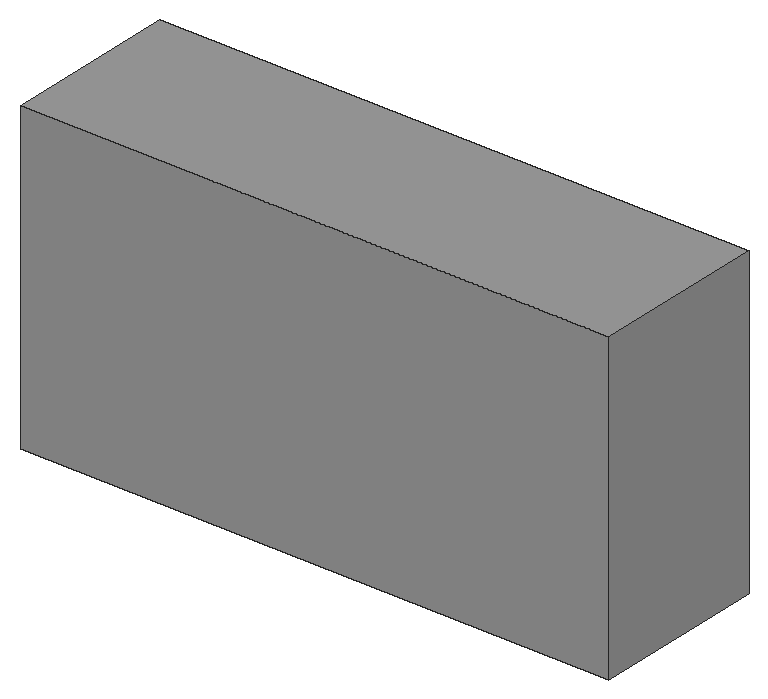
Revit family "T93020 Alu-K M LED 24m 1-s _Vegg", category Lighting Fixtures, Revit 2016
Family settings
  Part Type = Normal
  Round Connector Dimension = Use Diameter
  OmniClass Number = 23.80.70.11.21
  OmniClass Title = Emergency Lighting
  Work Plane-Based = No
  Always vertical = Yes
  Cut with Voids When Loaded = No
  Light Source = Yes
  Shared = No
  Room Calculation Point = No
Parameters (values of type "MarkeringsLys (Venstre)")
  Width = 80 mm
  Wattage Comments = "17 W"
  Wattage = 9.2903 W
  built-in parameter 1150110 = 1 (stored number, unit not read)
  Voltage = 230 V
  URL = ""
  Type Comments = "-UN"
  built-in parameter 1114217 = 1 (stored number, unit not read)
  Tilt Angle = 90.00°
  built-in parameter 1150109 = 1 (stored number, unit not read)
  built-in parameter 1150134 = 3
  Symbol Positive Direction [instance] = yes
  Symbol Offset Side [instance] = 0 mm
  Symbol Offset Out [instance] = 0 mm
  built-in parameter 1150113 = 1 (stored number, unit not read)
  Reference Line Out [instance] = 50 mm
  Photometric Web File = "20x42A12.ies"
  Number of Poles = 1
  NS8360 = "4431_WT2"
  Markeringslys normal = no
  Markeringslys ikke normal = yes
  MarkeringsLys Venstre = yes
  MarkeringsLys Ned = no
  MarkeringsLys Opp = no
  MarkeringsLys Høyre = no
  MarkeringsLys 45 Opp mot venstre = no
  MarkeringsLys 45 Opp mot høyre = no
  MarkeringsLys 45 Ned mot venstre = no
  MarkeringsLys 45 Ned mot høyre = no
  ML = yes
  built-in parameter 1150105 = 109.82 (stored number, unit not read)
  Lumens = 1380 lm
  built-in parameter 1150115 = 1 (stored number, unit not read)
  Load Classification [instance] = Other
  Model = ""
  Manufacturer = "Honeywell"
  built-in parameter 1150137 = (empty or 0)
  built-in parameter 1150139 = (empty or 0)
  Length 1 = 250 mm
  Length = 270 mm
  LedeLys = no
  built-in parameter 1150112 = 1 (stored number, unit not read)
  built-in parameter 1150114 = 1 (stored number, unit not read)
  Lamp = "1"
  Keynote = "WT2"
  built-in parameter 1150132 = (empty or 0)
  built-in parameter 1150102 = (empty or 0)
  built-in parameter 1150107 = 3200 (stored number, unit not read)
  built-in parameter 1150138 = (empty or 0)
  built-in parameter 1150106 = 1.0982 (stored number, unit not read)
  Height 1 = 122 mm
  Height = 141 mm
  Emit from Rectangle Width = Height  # 141 mm
  Emit from Rectangle Length = Length  # 270 mm
  Emit Shape Visible in Rendering = no
  built-in parameter 1150104 = 13.8 (stored number, unit not read)
  Dimming Lamp Color Temperature Shift = <None>
  Description = ""
  Color Filter = 16777215
  Body Material and Colour = Default
  built-in parameter 1114218 = 1 (stored number, unit not read)
  built-in parameter 1150133 = 10 (stored number, unit not read)
  Assembly Code = "4431"
  Apparent Load = 17 VA
Types (9, lengths in mm): name | NS8360 | Markeringslys normal | Markeringslys ikke normal | MarkeringsLys Venstre | MarkeringsLys Ned | MarkeringsLys Opp | MarkeringsLys Høyre | MarkeringsLys 45 Opp mot venstre | MarkeringsLys 45 Opp mot høyre | MarkeringsLys 45 Ned mot venstre | MarkeringsLys 45 Ned mot høyre | ML | LedeLys | Body Material and Colour | Assembly Code
  LedeLys | "4432_WT2" | yes | no | no | no | no | no | no | no | no | no | no | yes | Default | "4432"
  MarkeringsLys (Ned) | "4431_WT2" | yes | no | no | yes | no | no | no | no | no | no | yes | no | Default | "4431"
  MarkeringsLys (Opp) | "4431_WT2" | yes | no | no | no | yes | no | no | no | no | no | yes | no | Default | "4431"
  MarkeringsLys (Venstre) | "4431_WT2" | no | yes | yes | no | no | no | no | no | no | no | yes | no | Default | "4431"
  MarkeringsLys (Høyre) | "4431_WT2" | yes | no | no | no | no | yes | no | no | no | no | yes | no | White | "4431"
  MarkeringsLys (45 Ned mot høyre) | "4431_WT2" | yes | no | no | no | no | no | no | no | no | yes | yes | no | Default | "4431"
  MarkeringsLys (45 Ned mot venstre) | "4431_WT2" | no | yes | no | no | no | no | no | no | yes | no | yes | no | Default | "4431"
  MarkeringsLys (45 Opp mot høyre) | "4431_WT2" | yes | no | no | no | no | no | no | yes | no | no | yes | no | Default | "4431"
  MarkeringsLys (45 Opp mot venstre) | "4431_WT2" | no | yes | no | no | no | no | yes | no | no | no | yes | no | Default | "4431"
Reference planes
  plane 1 "Light Source Axis (F/B)": y = 119.961
  plane 2 "Top": z = 83
  plane 3 "Light Source Axis (L/R)": x = 0
  plane 4 "Level": z = 0
  plane 5 "Bottom": z = -141
  plane 6: x = -135
  plane 7: x = 135
  plane 8: y = 197.961
  plane 9: y = 199.961
  plane 10: z = -9.5
  plane 11: x = -125
  plane 12: x = 125
  plane 13: z = -70.5
  plane 14: z = -131.5
Forms (mm)
  Extrusion 1, solid, material "Default" <- "Body Material and Colour"
    sketch origin (0, 119.961, 0) x (1, 0, 0) y (0, 0, 1)
      loop
        line (-135, 0) -> (-135, -141) -> (135, -141) -> (135, 0) -> (-135, 0)
    from 0 to -78
  Extrusion 2, solid, material "Default" <- "Body Material and Colour"
    sketch origin (0, 119.961, 0) x (1, 0, 0) y (0, 0, 1)
      loop
        line (-135, 0) -> (-135, -141) -> (135, -141) -> (135, 0) -> (-135, 0)
      loop
        line (-125, -9.5) -> (-125, -131.5) -> (125, -131.5) -> (125, -9.5) -> (-125, -9.5)
    from -80 to -78
Cuts and joins
  joined: Extrusion 1, Extrusion 2
Lines and regions (mm)
  model lines, style "InvisibleLines"
    curve 1: line (0, 119.961, 0) -> (0, 169.961, 0)
Dimensions and locks
  equal spacing: plane 6, plane 3 "Light Source Axis (L/R)", plane 7
  "Length": plane 6 to plane 7
  plane 8 to plane 1 "Light Source Axis (F/B)" = 78 mm
  locked: plane 9 to plane 8 at 2
  equal spacing: plane 4 "Level", plane 13, plane 5 "Bottom"
  "Height": plane 4 "Level" to plane 5 "Bottom"
  equal spacing: plane 11, plane 3 "Light Source Axis (L/R)", plane 12
  "Length 1": plane 11 to plane 12
  equal spacing: plane 10, plane 13, plane 14
  "Height 1": plane 10 to plane 14
  "Width": plane 1 "Light Source Axis (F/B)" to plane 9
  "Reference Line Out": plane 1 "Light Source Axis (F/B)" to curve 1
  plane 11 to plane 6 = 10 mm
  aligned and locked: plane 4 "Level" to level
  aligned and locked: plane 3 "Light Source Axis (L/R)" to nested 2
  aligned and locked: plane 1 "Light Source Axis (F/B)" to nested 2
  aligned and locked: plane 8 to nested 1
  aligned and locked: plane 4 "Level" to Extrusion 1 sketch curve
  aligned and locked: plane 6 to Extrusion 1 sketch curve
  aligned and locked: plane 5 "Bottom" to Extrusion 1 sketch curve
  aligned and locked: Extrusion 1 sketch curve to plane 7
  aligned and locked: Extrusion 1 to plane 8
  aligned and locked: plane 1 "Light Source Axis (F/B)" to Extrusion 1
  aligned and locked: plane 4 "Level" to Extrusion 2 sketch curve
  aligned and locked: Extrusion 2 sketch curve to plane 7
  aligned and locked: plane 5 "Bottom" to Extrusion 2 sketch curve
  aligned and locked: plane 6 to Extrusion 2 sketch curve
  aligned and locked: Extrusion 2 sketch curve to plane 10
  aligned and locked: plane 11 to Extrusion 2 sketch curve
  aligned and locked: plane 14 to Extrusion 2 sketch curve
  aligned and locked: Extrusion 2 sketch curve to plane 12
  aligned and locked: plane 8 to Extrusion 2
  aligned and locked: Extrusion 2 to plane 9
  aligned and locked: nested 1 to plane 13
  aligned and locked: plane 13 to imposter light
  aligned and locked: imposter light to plane 1 "Light Source Axis (F/B)"
  aligned and locked: imposter light to plane 3 "Light Source Axis (L/R)"
  aligned and locked: plane 1 "Light Source Axis (F/B)" to curve 1
  aligned and locked: plane 3 "Light Source Axis (L/R)" to curve 1
  aligned and locked: nested 3 to plane 3 "Light Source Axis (L/R)"
  aligned and locked: plane 13 to nested 3
  aligned and locked: nested 3 to plane 8
  aligned and locked: plane 13 to nested 4
  aligned and locked: nested 4 to plane 3 "Light Source Axis (L/R)"
  aligned and locked: nested 4 to plane 8
  aligned and locked: plane 13 to nested 5
  aligned and locked: nested 5 to plane 3 "Light Source Axis (L/R)"
  aligned and locked: nested 5 to plane 8
  aligned and locked: plane 13 to nested 6
  aligned and locked: nested 6 to plane 3 "Light Source Axis (L/R)"
  aligned and locked: nested 6 to plane 8
  aligned and locked: nested 7 to plane 8
  aligned and locked: nested 7 to plane 3 "Light Source Axis (L/R)"
  aligned and locked: plane 13 to nested 7
  aligned and locked: nested 8 to plane 8
  aligned and locked: nested 8 to plane 3 "Light Source Axis (L/R)"
  aligned and locked: plane 13 to nested 8
  aligned and locked: nested 9 to plane 8
  aligned and locked: plane 13 to nested 9
  aligned and locked: nested 9 to plane 3 "Light Source Axis (L/R)"
  aligned and locked: plane 3 "Light Source Axis (L/R)" to nested 10
  aligned and locked: plane 1 "Light Source Axis (F/B)" to nested 10
Nested families
  nested 1: "Formula 65_ned" at (0, 197.961, -70.5), type "Formula 65"
  nested 2: "LedelysS" at (0, 119.961, 0), visible <- "LedeLys", type "Type 1"
  nested 3: "Formula 65_skrått 45 grader ned mot høyre" at (0, 197.961, -70.5) x (-1, 0, 0) z (0, 0, 1), visible <- "LedeLys", type "Formula 65"
  nested 4: "Formula 65_skrått 45 grader ned mot venstre" at (0, 197.961, -70.5) x (-1, 0, 0) z (0, 0, 1), type "Formula 65"
  nested 5: "Formula 65_skrått 45 grader opp mot høyre" at (0, 197.961, -70.5) x (-1, 0, 0) z (0, 0, 1), type "Formula 65"
  nested 6: "Formula 65_skrått 45 grader opp mot venstre" at (0, 197.961, -70.5) x (-1, 0, 0) z (0, 0, 1), type "Formula 65"
  nested 7: "Formula 65_høyre" at (0, 197.961, -70.5) x (-1, 0, 0) z (0, 0, 1), type "Formula 65"
  nested 8: "Formula 65_opp" at (0, 197.961, -70.5) x (-1, 0, 0) z (0, 0, 1), type "Formula 65"
  nested 9: "Formula 65_venstre" at (0, 197.961, -70.5) x (-1, 0, 0) z (0, 0, 1), type "Formula 65"
  nested 10: "MarkeringslysEnkelS" at (0, 119.961, 0), visible <- "ML", type "Type 1"
Connectors
  electrical at (0, 119.961, 0), driven by "Number of Poles", driven by "Load Classification", driven by "Voltage", driven by "Apparent Load"
    settings: index 1, voltage 230 V, apparent load 0 VA, apparent load phase1 17 VA, apparent load phase2 0 VA, apparent load phase3 0 VA, power factor 1, load classification "Other", number of poles 1, system type 31, power factor state 1, is connector primary yes, connector utility no, sub classification motor no, connector description ""
Definition of nested family "Formula 65_venstre"
  Parameters (values of type "Formula 65")
    Venstre = yes
    L = 250 mm
    H = 135 mm
  Reference planes
    plane 1 "Center (Front/Back)": y = 0
    plane 2: z = 0
    plane 3 "Center (Left/Right)": x = 0
    plane 4: y = -2
  Forms (mm)
    Extrusion 1, solid, visible <- "Venstre"
      sketch origin (453.48, 0, -265.275) x (1, 0, 0) y (0, 0, 1)
        loop
          line (-328.48, 326.275) -> (-578.48, 326.275) -> (-578.48, 204.275) -> (-328.48, 204.275) -> (-328.48, 326.275)
        loop
          circle (-420.272, 307.901) r 7.948
        loop
          line (-413.762, 293.92) -> (-417.907, 289.775) -> (-413.259, 281.726) -> (-426.456, 270.652)
          arc (-426.456, 270.652) -> (-427.234, 269.157) -> (-426.728, 267.55) r 2.202
          line (-426.728, 267.55) -> (-424.841, 265.302)
          arc (-424.841, 265.302) -> (-423.346, 264.524) -> (-421.739, 265.03) r 2.202
          line (-421.739, 265.03) -> (-409.533, 275.272) -> (-403.944, 265.592) -> (-416.764, 254.834) -> (-416.764, 219.801)
          arc (-416.764, 219.801) -> (-415.69, 217.206) -> (-413.095, 216.131) r 3.669
          line (-413.095, 216.131) -> (-409.425, 216.131)
          arc (-409.425, 216.131) -> (-406.831, 217.206) -> (-405.756, 219.801) r 3.669
          line (-405.756, 219.801) -> (-405.756, 249.701) -> (-398.355, 255.911) -> (-392.493, 245.757) -> (-354.384, 245.757)
          arc (-354.384, 245.757) -> (-351.79, 246.832) -> (-350.715, 249.426) r 3.669
          line (-350.715, 249.426) -> (-350.715, 253.096)
          arc (-350.715, 253.096) -> (-351.79, 255.69) -> (-354.384, 256.765) r 3.669
          line (-354.384, 256.765) -> (-373.426, 256.765) -> (-391.907, 288.775) -> (-372.812, 285.056) -> (-365.934, 273.144)
          arc (-365.934, 273.144) -> (-364.541, 272.104) -> (-362.828, 272.398) r 2.202
          line (-362.828, 272.398) -> (-360.285, 274.049)
          arc (-360.285, 274.049) -> (-359.331, 275.438) -> (-359.638, 277.095) r 2.202
          line (-359.638, 277.095) -> (-369.208, 291.831) -> (-407.391, 299.266) -> (-413.762, 293.92)
        loop
          line (-533.901, 289.876) -> (-558.502, 265.275) -> (-533.901, 240.673) -> (-519.14, 240.673) -> (-536.361, 257.894) -> (-463.502, 257.894) -> (-463.502, 272.655) -> (-536.361, 272.655) -> (-519.14, 289.876) -> (-533.901, 289.876)
      from 0 to 2
  Dimensions and locks
    aligned and locked: level to plane 2
Definition of nested family "Formula 65_ned"
  Parameters (values of type "Formula 65")
    Ned = no
    L = 205 mm
    H = 135 mm
  Reference planes
    plane 1 "Center (Front/Back)": y = 0
    plane 2: z = 0
    plane 3 "Center (Left/Right)": x = 0
    plane 4: y = -2
  Forms (mm)
    Extrusion 1, solid, visible <- "Ned"
      sketch origin (453.48, 0, -265.275) x (1, 0, 0) y (0, 0, 1)
        loop
          line (-328.48, 326.275) -> (-578.48, 326.275) -> (-578.48, 204.275) -> (-328.48, 204.275) -> (-328.48, 326.275)
        loop
          line (-482.432, 242.376) -> (-482.432, 257.137) -> (-499.654, 239.916) -> (-499.654, 312.775) -> (-514.415, 312.775) -> (-514.415, 239.916) -> (-531.636, 257.137) -> (-531.636, 242.376) -> (-507.034, 217.775) -> (-482.432, 242.376)
        loop
          circle (-420.272, 307.901) r 7.948
        loop
          line (-413.762, 293.92) -> (-417.907, 289.775) -> (-413.259, 281.726) -> (-426.456, 270.652)
          arc (-426.456, 270.652) -> (-427.234, 269.157) -> (-426.728, 267.55) r 2.202
          line (-426.728, 267.55) -> (-424.841, 265.302)
          arc (-424.841, 265.302) -> (-423.346, 264.524) -> (-421.739, 265.03) r 2.202
          line (-421.739, 265.03) -> (-409.533, 275.272) -> (-403.944, 265.592) -> (-416.764, 254.834) -> (-416.764, 219.801)
          arc (-416.764, 219.801) -> (-415.69, 217.206) -> (-413.095, 216.131) r 3.669
          line (-413.095, 216.131) -> (-409.425, 216.131)
          arc (-409.425, 216.131) -> (-406.831, 217.206) -> (-405.756, 219.801) r 3.669
          line (-405.756, 219.801) -> (-405.756, 249.701) -> (-398.355, 255.911) -> (-392.493, 245.757) -> (-354.384, 245.757)
          arc (-354.384, 245.757) -> (-351.79, 246.832) -> (-350.715, 249.426) r 3.669
          line (-350.715, 249.426) -> (-350.715, 253.096)
          arc (-350.715, 253.096) -> (-351.79, 255.69) -> (-354.384, 256.765) r 3.669
          line (-354.384, 256.765) -> (-373.426, 256.765) -> (-391.907, 288.775) -> (-372.812, 285.056) -> (-365.934, 273.144)
          arc (-365.934, 273.144) -> (-364.541, 272.104) -> (-362.828, 272.398) r 2.202
          line (-362.828, 272.398) -> (-360.285, 274.049)
          arc (-360.285, 274.049) -> (-359.331, 275.438) -> (-359.638, 277.095) r 2.202
          line (-359.638, 277.095) -> (-369.208, 291.831) -> (-407.391, 299.266) -> (-413.762, 293.92)
      from 0 to 2
  Dimensions and locks
    aligned and locked: level to plane 2
Definition of nested family "LedelysS"
  Parameters
    CQ Symbol Positive Direction = yes
    CQ Symbol Negative Direction = not(CQ Symbol Positive Direction)  # no
    CQ Symbol Offset Side = 0 mm
    CQ Symbol Offset Out = 0 mm
  Reference planes
    plane 1: y = 0
    plane 2: x = 0
  Dimensions and locks
    "CQ Symbol Offset Out": plane 1 to nested 1
    "CQ Symbol Offset Out": plane 1 to nested 2
    "CQ Symbol Offset Side": plane 2 to nested 2
    "CQ Symbol Offset Side": nested 1 to plane 2
  Nested families
    nested 1: "LedelysSub" at (0, 0, 0), visible <- "CQ Symbol Negative Direction", type "Type 1"
    nested 2: "LedelysSub" at (0, 0, 0), visible <- "CQ Symbol Positive Direction", type "Type 1"
  Definition of nested family "LedelysSub"
    Reference planes
      plane 1: y = 0
      plane 2: x = 0
    Lines and regions (mm)
      detail lines
        curve 1: line (-4, 0, 0) -> (4, 0, 0)
        curve 2: line (4, 0, 0) -> (4, 4, 0)
        curve 3: line (4, 4, 0) -> (-4, 4, 0)
        curve 4: line (-4, 4, 0) -> (-4, 0, 0)
        curve 5: line (-3.097, 0.75, 0) -> (-0.597, 3.25, 0)
        curve 6: line (-3.097, 3.25, 0) -> (-0.597, 0.75, 0)
        curve 7: circle (-1.847, 2, 0) r 1.2 normal (0, 0, 1)
    Text (mm)
      text "LL" at (2.179, 3.025, 0)
Definition of nested family "Formula 65_skrått 45 grader ned mot høyre"
  Parameters (values of type "Formula 65")
    L = 205 mm
    H = 135 mm
    45 ned mot høyre = no
  Reference planes
    plane 1 "Center (Front/Back)": y = 0
    plane 2: z = 0
    plane 3 "Center (Left/Right)": x = 0
    plane 4: y = -2
    plane 5: x = -242.63
    plane 6: x = 245
  Forms (mm)
    Extrusion 1, solid, visible <- "45 ned mot høyre"
      sketch origin (453.48, 0, -265.275) x (1, 0, 0) y (0, 0, 1)
        loop
          line (-328.48, 326.275) -> (-578.48, 326.275) -> (-578.48, 204.275) -> (-328.48, 204.275) -> (-328.48, 326.275)
        loop
          circle (-486.687, 307.901) r 7.948
        loop
          line (-493.197, 293.92) -> (-499.568, 299.266) -> (-537.751, 291.831) -> (-547.321, 277.095)
          arc (-547.321, 277.095) -> (-547.628, 275.438) -> (-546.674, 274.049) r 2.202
          line (-546.674, 274.049) -> (-544.131, 272.398)
          arc (-544.131, 272.398) -> (-542.418, 272.104) -> (-541.025, 273.144) r 2.202
          line (-541.025, 273.144) -> (-534.147, 285.056) -> (-515.052, 288.775) -> (-533.533, 256.765) -> (-552.575, 256.765)
          arc (-552.575, 256.765) -> (-555.169, 255.69) -> (-556.244, 253.096) r 3.669
          line (-556.244, 253.096) -> (-556.244, 249.426)
          arc (-556.244, 249.426) -> (-555.169, 246.832) -> (-552.575, 245.757) r 3.669
          line (-552.575, 245.757) -> (-514.466, 245.757) -> (-508.604, 255.911) -> (-501.203, 249.701) -> (-501.203, 219.801)
          arc (-501.203, 219.801) -> (-500.128, 217.206) -> (-497.534, 216.131) r 3.669
          line (-497.534, 216.131) -> (-493.864, 216.131)
          arc (-493.864, 216.131) -> (-491.27, 217.206) -> (-490.195, 219.801) r 3.669
          line (-490.195, 219.801) -> (-490.195, 254.834) -> (-503.015, 265.592) -> (-497.426, 275.272) -> (-485.22, 265.03)
          arc (-485.22, 265.03) -> (-483.613, 264.524) -> (-482.118, 265.302) r 2.202
          line (-482.118, 265.302) -> (-480.232, 267.55)
          arc (-480.232, 267.55) -> (-479.725, 269.157) -> (-480.503, 270.652) r 2.202
          line (-480.503, 270.652) -> (-493.7, 281.726) -> (-489.052, 289.775) -> (-493.197, 293.92)
        loop
          line (-356.119, 266.479) -> (-366.557, 276.917) -> (-366.557, 252.562) -> (-418.076, 304.081) -> (-428.513, 293.644) -> (-376.994, 242.125) -> (-401.349, 242.125) -> (-390.911, 231.687) -> (-356.119, 231.687) -> (-356.119, 266.479)
      from 0 to 2
  Dimensions and locks
    aligned and locked: level to plane 2
Definition of nested family "Formula 65_skrått 45 grader ned mot venstre"
  Parameters (values of type "Formula 65")
    L = 205 mm
    H = 135 mm
    45 ned mot venstre = no
  Reference planes
    plane 1 "Center (Front/Back)": y = 0
    plane 2: z = 0
    plane 3 "Center (Left/Right)": x = 0
    plane 4: y = -2
  Forms (mm)
    Extrusion 1, solid, visible <- "45 ned mot venstre"
      sketch origin (453.48, 0, -265.275) x (1, 0, 0) y (0, 0, 1)
        loop
          line (-328.48, 326.275) -> (-578.48, 326.275) -> (-578.48, 204.275) -> (-328.48, 204.275) -> (-328.48, 326.275)
        loop
          circle (-420.272, 307.901) r 7.948
        loop
          line (-413.762, 293.92) -> (-417.907, 289.775) -> (-413.259, 281.726) -> (-426.456, 270.652)
          arc (-426.456, 270.652) -> (-427.234, 269.157) -> (-426.728, 267.55) r 2.202
          line (-426.728, 267.55) -> (-424.841, 265.302)
          arc (-424.841, 265.302) -> (-423.346, 264.524) -> (-421.739, 265.03) r 2.202
          line (-421.739, 265.03) -> (-409.533, 275.272) -> (-403.944, 265.592) -> (-416.764, 254.834) -> (-416.764, 219.801)
          arc (-416.764, 219.801) -> (-415.69, 217.206) -> (-413.095, 216.131) r 3.669
          line (-413.095, 216.131) -> (-409.425, 216.131)
          arc (-409.425, 216.131) -> (-406.831, 217.206) -> (-405.756, 219.801) r 3.669
          line (-405.756, 219.801) -> (-405.756, 249.701) -> (-398.355, 255.911) -> (-392.493, 245.757) -> (-354.384, 245.757)
          arc (-354.384, 245.757) -> (-351.79, 246.832) -> (-350.715, 249.426) r 3.669
          line (-350.715, 249.426) -> (-350.715, 253.096)
          arc (-350.715, 253.096) -> (-351.79, 255.69) -> (-354.384, 256.765) r 3.669
          line (-354.384, 256.765) -> (-373.426, 256.765) -> (-391.907, 288.775) -> (-372.812, 285.056) -> (-365.934, 273.144)
          arc (-365.934, 273.144) -> (-364.541, 272.104) -> (-362.828, 272.398) r 2.202
          line (-362.828, 272.398) -> (-360.285, 274.049)
          arc (-360.285, 274.049) -> (-359.331, 275.438) -> (-359.638, 277.095) r 2.202
          line (-359.638, 277.095) -> (-369.208, 291.831) -> (-407.391, 299.266) -> (-413.762, 293.92)
        loop
          line (-545.84, 266.479) -> (-545.84, 231.687) -> (-511.048, 231.687) -> (-500.61, 242.125) -> (-524.965, 242.125) -> (-473.446, 293.644) -> (-483.883, 304.081) -> (-535.402, 252.562) -> (-535.402, 276.917) -> (-545.84, 266.479)
      from 0 to 2
  Dimensions and locks
    aligned and locked: level to plane 2
Definition of nested family "Formula 65_skrått 45 grader opp mot høyre"
  Parameters (values of type "Formula 65")
    L = 205 mm
    H = 135 mm
    45 grader opp mot høyre = no
  Reference planes
    plane 1 "Center (Front/Back)": y = 0
    plane 2: z = 0
    plane 3 "Center (Left/Right)": x = 0
    plane 4: y = -2
  Forms (mm)
    Extrusion 1, solid, visible <- "45 grader opp mot høyre"
      sketch origin (453.48, 0, -265.275) x (1, 0, 0) y (0, 0, 1)
        loop
          line (-328.48, 326.275) -> (-578.48, 326.275) -> (-578.48, 204.275) -> (-328.48, 204.275) -> (-328.48, 326.275)
        loop
          circle (-486.687, 307.901) r 7.948
        loop
          line (-493.197, 293.92) -> (-499.568, 299.266) -> (-537.751, 291.831) -> (-547.321, 277.095)
          arc (-547.321, 277.095) -> (-547.628, 275.438) -> (-546.674, 274.049) r 2.202
          line (-546.674, 274.049) -> (-544.131, 272.398)
          arc (-544.131, 272.398) -> (-542.418, 272.104) -> (-541.025, 273.144) r 2.202
          line (-541.025, 273.144) -> (-534.147, 285.056) -> (-515.052, 288.775) -> (-533.533, 256.765) -> (-552.575, 256.765)
          arc (-552.575, 256.765) -> (-555.169, 255.69) -> (-556.244, 253.096) r 3.669
          line (-556.244, 253.096) -> (-556.244, 249.426)
          arc (-556.244, 249.426) -> (-555.169, 246.832) -> (-552.575, 245.757) r 3.669
          line (-552.575, 245.757) -> (-514.466, 245.757) -> (-508.604, 255.911) -> (-501.203, 249.701) -> (-501.203, 219.801)
          arc (-501.203, 219.801) -> (-500.128, 217.206) -> (-497.534, 216.131) r 3.669
          line (-497.534, 216.131) -> (-493.864, 216.131)
          arc (-493.864, 216.131) -> (-491.27, 217.206) -> (-490.195, 219.801) r 3.669
          line (-490.195, 219.801) -> (-490.195, 254.834) -> (-503.015, 265.592) -> (-497.426, 275.272) -> (-485.22, 265.03)
          arc (-485.22, 265.03) -> (-483.613, 264.524) -> (-482.118, 265.302) r 2.202
          line (-482.118, 265.302) -> (-480.232, 267.55)
          arc (-480.232, 267.55) -> (-479.725, 269.157) -> (-480.503, 270.652) r 2.202
          line (-480.503, 270.652) -> (-493.7, 281.726) -> (-489.052, 289.775) -> (-493.197, 293.92)
        loop
          line (-356.119, 264.07) -> (-356.119, 298.862) -> (-390.911, 298.862) -> (-401.349, 288.425) -> (-376.994, 288.425) -> (-428.513, 236.906) -> (-418.076, 226.468) -> (-366.557, 277.987) -> (-366.557, 253.633) -> (-356.119, 264.07)
      from 0 to 2
  Dimensions and locks
    aligned and locked: level to plane 2
Definition of nested family "Formula 65_skrått 45 grader opp mot venstre"
  Parameters (values of type "Formula 65")
    L = 205 mm
    H = 135 mm
    45 opp mot venstre = no
  Reference planes
    plane 1 "Center (Front/Back)": y = 0
    plane 2: z = 0
    plane 3 "Center (Left/Right)": x = 0
    plane 4: y = -2
  Forms (mm)
    Extrusion 1, solid, visible <- "45 opp mot venstre"
      sketch origin (453.48, 0, -265.275) x (1, 0, 0) y (0, 0, 1)
        loop
          line (-328.48, 326.275) -> (-578.48, 326.275) -> (-578.48, 204.275) -> (-328.48, 204.275) -> (-328.48, 326.275)
        loop
          circle (-420.272, 307.901) r 7.948
        loop
          line (-413.762, 293.92) -> (-417.907, 289.775) -> (-413.259, 281.726) -> (-426.456, 270.652)
          arc (-426.456, 270.652) -> (-427.234, 269.157) -> (-426.728, 267.55) r 2.202
          line (-426.728, 267.55) -> (-424.841, 265.302)
          arc (-424.841, 265.302) -> (-423.346, 264.524) -> (-421.739, 265.03) r 2.202
          line (-421.739, 265.03) -> (-409.533, 275.272) -> (-403.944, 265.592) -> (-416.764, 254.834) -> (-416.764, 219.801)
          arc (-416.764, 219.801) -> (-415.69, 217.206) -> (-413.095, 216.131) r 3.669
          line (-413.095, 216.131) -> (-409.425, 216.131)
          arc (-409.425, 216.131) -> (-406.831, 217.206) -> (-405.756, 219.801) r 3.669
          line (-405.756, 219.801) -> (-405.756, 249.701) -> (-398.355, 255.911) -> (-392.493, 245.757) -> (-354.384, 245.757)
          arc (-354.384, 245.757) -> (-351.79, 246.832) -> (-350.715, 249.426) r 3.669
          line (-350.715, 249.426) -> (-350.715, 253.096)
          arc (-350.715, 253.096) -> (-351.79, 255.69) -> (-354.384, 256.765) r 3.669
          line (-354.384, 256.765) -> (-373.426, 256.765) -> (-391.907, 288.775) -> (-372.812, 285.056) -> (-365.934, 273.144)
          arc (-365.934, 273.144) -> (-364.541, 272.104) -> (-362.828, 272.398) r 2.202
          line (-362.828, 272.398) -> (-360.285, 274.049)
          arc (-360.285, 274.049) -> (-359.331, 275.438) -> (-359.638, 277.095) r 2.202
          line (-359.638, 277.095) -> (-369.208, 291.831) -> (-407.391, 299.266) -> (-413.762, 293.92)
        loop
          line (-555.84, 264.07) -> (-545.402, 253.633) -> (-545.402, 277.987) -> (-493.883, 226.468) -> (-483.446, 236.906) -> (-534.965, 288.425) -> (-510.61, 288.425) -> (-521.048, 298.862) -> (-555.84, 298.862) -> (-555.84, 264.07)
      from 0 to 2
  Dimensions and locks
    aligned and locked: level to plane 2
Definition of nested family "Formula 65_høyre"
  Parameters (values of type "Formula 65")
    L = 205 mm
    Høyre = no
    H = 135 mm
  Reference planes
    plane 1 "Center (Front/Back)": y = 0
    plane 2: z = 0
    plane 3 "Center (Left/Right)": x = 0
    plane 4: y = -2
  Forms (mm)
    Extrusion 1, solid, visible <- "Høyre"
      sketch origin (453.48, 0, -265.275) x (1, 0, 0) y (0, 0, 1)
        loop
          line (-328.48, 326.275) -> (-578.48, 326.275) -> (-578.48, 204.275) -> (-328.48, 204.275) -> (-328.48, 326.275)
        loop
          circle (-486.687, 307.901) r 7.948
        loop
          line (-493.197, 293.92) -> (-499.568, 299.266) -> (-537.751, 291.831) -> (-547.321, 277.095)
          arc (-547.321, 277.095) -> (-547.628, 275.438) -> (-546.674, 274.049) r 2.202
          line (-546.674, 274.049) -> (-544.131, 272.398)
          arc (-544.131, 272.398) -> (-542.418, 272.104) -> (-541.025, 273.144) r 2.202
          line (-541.025, 273.144) -> (-534.147, 285.056) -> (-515.052, 288.775) -> (-533.533, 256.765) -> (-552.575, 256.765)
          arc (-552.575, 256.765) -> (-555.169, 255.69) -> (-556.244, 253.096) r 3.669
          line (-556.244, 253.096) -> (-556.244, 249.426)
          arc (-556.244, 249.426) -> (-555.169, 246.832) -> (-552.575, 245.757) r 3.669
          line (-552.575, 245.757) -> (-514.466, 245.757) -> (-508.604, 255.911) -> (-501.203, 249.701) -> (-501.203, 219.801)
          arc (-501.203, 219.801) -> (-500.128, 217.206) -> (-497.534, 216.131) r 3.669
          line (-497.534, 216.131) -> (-493.864, 216.131)
          arc (-493.864, 216.131) -> (-491.27, 217.206) -> (-490.195, 219.801) r 3.669
          line (-490.195, 219.801) -> (-490.195, 254.834) -> (-503.015, 265.592) -> (-497.426, 275.272) -> (-485.22, 265.03)
          arc (-485.22, 265.03) -> (-483.613, 264.524) -> (-482.118, 265.302) r 2.202
          line (-482.118, 265.302) -> (-480.232, 267.55)
          arc (-480.232, 267.55) -> (-479.725, 269.157) -> (-480.503, 270.652) r 2.202
          line (-480.503, 270.652) -> (-493.7, 281.726) -> (-489.052, 289.775) -> (-493.197, 293.92)
        loop
          line (-364.308, 289.876) -> (-379.069, 289.876) -> (-361.848, 272.655) -> (-434.707, 272.655) -> (-434.707, 257.894) -> (-361.848, 257.894) -> (-379.069, 240.673) -> (-364.308, 240.673) -> (-339.707, 265.275) -> (-364.308, 289.876)
      from 0 to 2
  Dimensions and locks
    aligned and locked: level to plane 2
Definition of nested family "Formula 65_opp"
  Parameters (values of type "Formula 65")
    Up = no
    L = 205 mm
    H = 135 mm
  Reference planes
    plane 1 "Center (Front/Back)": y = 0
    plane 2: z = 0
    plane 3 "Center (Left/Right)": x = 0
    plane 4: y = -2
  Forms (mm)
    Extrusion 1, solid, visible <- "Up"
      sketch origin (453.48, 0, -265.275) x (1, 0, 0) y (0, 0, 1)
        loop
          line (-328.48, 326.275) -> (-578.48, 326.275) -> (-578.48, 204.275) -> (-328.48, 204.275) -> (-328.48, 326.275)
        loop
          circle (-420.272, 307.901) r 7.948
        loop
          line (-413.762, 293.92) -> (-417.907, 289.775) -> (-413.259, 281.726) -> (-426.456, 270.652)
          arc (-426.456, 270.652) -> (-427.234, 269.157) -> (-426.728, 267.55) r 2.202
          line (-426.728, 267.55) -> (-424.841, 265.302)
          arc (-424.841, 265.302) -> (-423.346, 264.524) -> (-421.739, 265.03) r 2.202
          line (-421.739, 265.03) -> (-409.533, 275.272) -> (-403.944, 265.592) -> (-416.764, 254.834) -> (-416.764, 219.801)
          arc (-416.764, 219.801) -> (-415.69, 217.206) -> (-413.095, 216.131) r 3.669
          line (-413.095, 216.131) -> (-409.425, 216.131)
          arc (-409.425, 216.131) -> (-406.831, 217.206) -> (-405.756, 219.801) r 3.669
          line (-405.756, 219.801) -> (-405.756, 249.701) -> (-398.355, 255.911) -> (-392.493, 245.757) -> (-354.384, 245.757)
          arc (-354.384, 245.757) -> (-351.79, 246.832) -> (-350.715, 249.426) r 3.669
          line (-350.715, 249.426) -> (-350.715, 253.096)
          arc (-350.715, 253.096) -> (-351.79, 255.69) -> (-354.384, 256.765) r 3.669
          line (-354.384, 256.765) -> (-373.426, 256.765) -> (-391.907, 288.775) -> (-372.812, 285.056) -> (-365.934, 273.144)
          arc (-365.934, 273.144) -> (-364.541, 272.104) -> (-362.828, 272.398) r 2.202
          line (-362.828, 272.398) -> (-360.285, 274.049)
          arc (-360.285, 274.049) -> (-359.331, 275.438) -> (-359.638, 277.095) r 2.202
          line (-359.638, 277.095) -> (-369.208, 291.831) -> (-407.391, 299.266) -> (-413.762, 293.92)
        loop
          line (-482.432, 288.173) -> (-507.034, 312.775) -> (-531.636, 288.173) -> (-531.636, 273.412) -> (-514.415, 290.633) -> (-514.415, 217.775) -> (-499.654, 217.775) -> (-499.654, 290.633) -> (-482.432, 273.412) -> (-482.432, 288.173)
      from 0 to 2
  Dimensions and locks
    aligned and locked: level to plane 2
Definition of nested family "MarkeringslysEnkelS"
  Parameters (values of type "Type 1")
    Venstre opp 45 = no
    Venstre ned 45 = no
    Venstre = no
    Opp = yes
    Normal = yes
    Ned = no
    Ikke normal = no
    Høyre opp 45 = no
    Høyre ned 45 = no
    Høyre = no
    CQ Symbol Positive Direction = yes
    CQ Symbol Negative Direction = not(CQ Symbol Positive Direction)  # no
    CQ Symbol Offset Side = 0 mm
    CQ Symbol Offset Out = 0 mm
  Reference planes
    plane 1: y = 0
    plane 2: x = 0
  Dimensions and locks
    "CQ Symbol Offset Out": plane 1 to nested 1
    "CQ Symbol Offset Out": plane 1 to nested 2
    "CQ Symbol Offset Side": plane 2 to nested 2
    "CQ Symbol Offset Side": nested 1 to plane 2
  Nested families
    nested 1: "Markeringslys dobbel" at (0, 0, 0), visible <- "CQ Symbol Negative Direction", type "Type 1"
    nested 2: "Markeringslys dobbel" at (0, 0, 0), visible <- "CQ Symbol Positive Direction", type "Type 1"
  Definition of nested family "Markeringslys dobbel"
    Parameters (values of type "Type 1")
      Venstre opp 45 = no
      Venstre ned 45 = no
      Venstre = no
      Opp = yes
      Normal = yes
      Ned = no
      Ikke normal = no
      Høyre opp 45 = no
      Høyre ned 45 = no
      Høyre = no
    Reference planes
      plane 1: y = 0
      plane 2: x = 0
    Lines and regions (mm)
      detail lines
        curve 1: line (-4, 4, 0) -> (4, 4, 0)
        curve 2: line (4, 4, 0) -> (4, 0, 0)
        curve 3: line (-4, 0, 0) -> (-4, 4, 0)
        curve 120: line (4, 0, 0) -> (-4, 0, 0)
      detail lines, visible <- "Ned"
        curve 4: line (-2.346, 0.5, 0) -> (-1.646, 0.5, 0)
        curve 5: line (-2.346, 0.5, 0) -> (-2.346, 2.584, 0)
        curve 6: line (-1.646, 0.5, 0) -> (-1.646, 2.584, 0)
        curve 7: line (-1.996, 3.5, 0) -> (-2.996, 2.5, 0)
        curve 8: line (-2.996, 2.5, 0) -> (-2.996, 1.934, 0)
        curve 9: line (-2.996, 1.934, 0) -> (-2.346, 2.584, 0)
        curve 10: line (-1.996, 3.5, 0) -> (-0.996, 2.5, 0)
        curve 11: line (-0.996, 2.5, 0) -> (-0.996, 1.934, 0)
        curve 12: line (-0.996, 1.934, 0) -> (-1.646, 2.584, 0)
      detail lines, visible <- "Normal"
        curve 13: circle (1.212, 0.614, 0) r 0.3 normal (0, 0, -1)
        curve 14: line (0.986, 3.7, 0) -> (1.395, 3.7, 0)
        curve 15: line (0.986, 3.7, 0) -> (1.823, 2.308, 0)
        curve 16: line (1.823, 2.308, 0) -> (1.461, 1.495, 0)
        curve 17: line (1.069, 2.147, 0) -> (1.461, 1.495, 0)
        curve 18: line (1.069, 2.147, 0) -> (0.487, 2.147, 0)
        curve 19: line (0.487, 2.147, 0) -> (0.487, 1.847, 0)
        curve 20: line (0.487, 1.847, 0) -> (0.899, 1.847, 0)
        curve 21: line (0.899, 1.847, 0) -> (1.307, 1.169, 0)
        curve 22: line (1.395, 3.7, 0) -> (2.104, 2.518, 0)
        curve 23: line (1.307, 1.169, 0) -> (1.753, 0.97, 0)
        curve 24: line (1.753, 0.97, 0) -> (2.625, 0.97, 0)
        curve 25: line (2.625, 0.97, 0) -> (2.99, 1.627, 0)
        curve 26: line (2.99, 1.627, 0) -> (2.769, 1.848, 0)
        curve 27: line (2.769, 1.848, 0) -> (2.457, 1.285, 0)
        curve 28: line (2.104, 2.518, 0) -> (2.259, 3.229, 0)
        curve 29: line (2.259, 3.229, 0) -> (3.557, 3.229, 0)
        curve 30: line (3.557, 3.229, 0) -> (3.457, 2.879, 0)
        curve 31: line (3.457, 2.879, 0) -> (2.541, 2.879, 0)
        curve 32: line (2.541, 2.879, 0) -> (2.4, 2.23, 0)
        curve 33: line (2.4, 2.23, 0) -> (2.021, 1.38, 0)
        curve 34: line (2.021, 1.38, 0) -> (2.457, 1.285, 0)
      detail lines, visible <- "Opp"
        curve 35: line (-1.646, 3.5, 0) -> (-2.346, 3.5, 0)
        curve 36: line (-1.646, 3.5, 0) -> (-1.646, 1.416, 0)
        curve 37: line (-2.346, 3.5, 0) -> (-2.346, 1.416, 0)
        curve 38: line (-1.996, 0.5, 0) -> (-0.996, 1.5, 0)
        curve 39: line (-0.996, 1.5, 0) -> (-0.996, 2.066, 0)
        curve 40: line (-0.996, 2.066, 0) -> (-1.646, 1.416, 0)
        curve 41: line (-1.996, 0.5, 0) -> (-2.996, 1.5, 0)
        curve 42: line (-2.996, 1.5, 0) -> (-2.996, 2.066, 0)
        curve 43: line (-2.996, 2.066, 0) -> (-2.346, 1.416, 0)
      detail lines, visible <- "Høyre"
        curve 44: line (-0.496, 1.65, 0) -> (-0.496, 2.35, 0)
        curve 45: line (-0.496, 1.65, 0) -> (-2.58, 1.65, 0)
        curve 46: line (-0.496, 2.35, 0) -> (-2.58, 2.35, 0)
        curve 47: line (-3.496, 2, 0) -> (-2.496, 1, 0)
        curve 48: line (-2.496, 1, 0) -> (-1.93, 1, 0)
        curve 49: line (-1.93, 1, 0) -> (-2.58, 1.65, 0)
        curve 50: line (-3.496, 2, 0) -> (-2.496, 3, 0)
        curve 51: line (-2.496, 3, 0) -> (-1.93, 3, 0)
        curve 52: line (-1.93, 3, 0) -> (-2.58, 2.35, 0)
      detail lines, visible <- "Ikke normal"
        curve 53: circle (-1.299, 0.614, 0) r 0.3 normal (0, 0, 1)
        curve 54: line (-1.073, 3.7, 0) -> (-1.482, 3.7, 0)
        curve 55: line (-1.073, 3.7, 0) -> (-1.91, 2.308, 0)
        curve 56: line (-1.91, 2.308, 0) -> (-1.548, 1.495, 0)
        curve 57: line (-1.156, 2.147, 0) -> (-1.548, 1.495, 0)
        curve 58: line (-1.156, 2.147, 0) -> (-0.574, 2.147, 0)
        curve 59: line (-0.574, 2.147, 0) -> (-0.574, 1.847, 0)
        curve 60: line (-0.574, 1.847, 0) -> (-0.986, 1.847, 0)
        curve 61: line (-0.986, 1.847, 0) -> (-1.394, 1.169, 0)
        curve 62: line (-1.482, 3.7, 0) -> (-2.192, 2.518, 0)
        curve 63: line (-1.394, 1.169, 0) -> (-1.84, 0.97, 0)
        curve 64: line (-1.84, 0.97, 0) -> (-2.713, 0.97, 0)
        curve 65: line (-2.713, 0.97, 0) -> (-3.077, 1.627, 0)
        curve 66: line (-3.077, 1.627, 0) -> (-2.856, 1.848, 0)
        curve 67: line (-2.856, 1.848, 0) -> (-2.544, 1.285, 0)
        curve 68: line (-2.192, 2.518, 0) -> (-2.346, 3.229, 0)
        curve 69: line (-2.346, 3.229, 0) -> (-3.644, 3.229, 0)
        curve 70: line (-3.644, 3.229, 0) -> (-3.544, 2.879, 0)
        curve 71: line (-3.544, 2.879, 0) -> (-2.628, 2.879, 0)
        curve 72: line (-2.628, 2.879, 0) -> (-2.487, 2.23, 0)
        curve 73: line (-2.487, 2.23, 0) -> (-2.108, 1.38, 0)
        curve 74: line (-2.108, 1.38, 0) -> (-2.544, 1.285, 0)
      detail lines, visible <- "Venstre"
        curve 75: line (0.409, 1.65, 0) -> (0.409, 2.35, 0)
        curve 76: line (0.409, 1.65, 0) -> (2.493, 1.65, 0)
        curve 77: line (0.409, 2.35, 0) -> (2.493, 2.35, 0)
        curve 78: line (3.409, 2, 0) -> (2.409, 1, 0)
        curve 79: line (2.409, 1, 0) -> (1.843, 1, 0)
        curve 80: line (1.843, 1, 0) -> (2.493, 1.65, 0)
        curve 81: line (3.409, 2, 0) -> (2.409, 3, 0)
        curve 82: line (2.409, 3, 0) -> (1.843, 3, 0)
        curve 83: line (1.843, 3, 0) -> (2.493, 2.35, 0)
      detail lines, visible <- "Venstre ned 45"
        curve 84: line (1.096, 0.939, 0) -> (0.601, 1.434, 0)
        curve 85: line (1.096, 0.939, 0) -> (2.57, 2.413, 0)
        curve 86: line (0.601, 1.434, 0) -> (2.075, 2.908, 0)
        curve 87: line (2.97, 3.308, 0) -> (2.97, 1.894, 0)
        curve 88: line (2.97, 1.894, 0) -> (2.57, 1.494, 0)
        curve 89: line (2.57, 1.494, 0) -> (2.57, 2.413, 0)
        curve 90: line (2.97, 3.308, 0) -> (1.556, 3.308, 0)
        curve 91: line (1.556, 3.308, 0) -> (1.156, 2.908, 0)
        curve 92: line (1.156, 2.908, 0) -> (2.075, 2.908, 0)
      detail lines, visible <- "Venstre opp 45"
        curve 93: line (0.601, 2.813, 0) -> (1.096, 3.308, 0)
        curve 94: line (0.601, 2.813, 0) -> (2.075, 1.339, 0)
        curve 95: line (1.096, 3.308, 0) -> (2.57, 1.834, 0)
        curve 96: line (2.97, 0.939, 0) -> (1.556, 0.939, 0)
        curve 97: line (1.556, 0.939, 0) -> (1.156, 1.339, 0)
        curve 98: line (1.156, 1.339, 0) -> (2.075, 1.339, 0)
        curve 99: line (2.97, 0.939, 0) -> (2.97, 2.354, 0)
        curve 100: line (2.97, 2.354, 0) -> (2.57, 2.754, 0)
        curve 101: line (2.57, 2.754, 0) -> (2.57, 1.834, 0)
      detail lines, visible <- "Høyre ned 45"
        curve 102: line (-1.18, 0.517, 0) -> (-0.685, 1.012, 0)
        curve 103: line (-1.18, 0.517, 0) -> (-2.654, 1.991, 0)
        curve 104: line (-0.685, 1.012, 0) -> (-2.159, 2.486, 0)
        curve 105: line (-3.054, 2.886, 0) -> (-3.054, 1.472, 0)
        curve 106: line (-3.054, 1.472, 0) -> (-2.654, 1.072, 0)
        curve 107: line (-2.654, 1.072, 0) -> (-2.654, 1.991, 0)
        curve 108: line (-3.054, 2.886, 0) -> (-1.64, 2.886, 0)
        curve 109: line (-1.64, 2.886, 0) -> (-1.24, 2.486, 0)
        curve 110: line (-1.24, 2.486, 0) -> (-2.159, 2.486, 0)
      detail lines, visible <- "Høyre opp 45"
        curve 111: line (-0.685, 2.391, 0) -> (-1.18, 2.886, 0)
        curve 112: line (-0.685, 2.391, 0) -> (-2.159, 0.917, 0)
        curve 113: line (-1.18, 2.886, 0) -> (-2.654, 1.412, 0)
        curve 114: line (-3.054, 0.517, 0) -> (-1.64, 0.517, 0)
        curve 115: line (-1.64, 0.517, 0) -> (-1.24, 0.917, 0)
        curve 116: line (-1.24, 0.917, 0) -> (-2.159, 0.917, 0)
        curve 117: line (-3.054, 0.517, 0) -> (-3.054, 1.932, 0)
        curve 118: line (-3.054, 1.932, 0) -> (-2.654, 2.332, 0)
        curve 119: line (-2.654, 2.332, 0) -> (-2.654, 1.483, 0)
